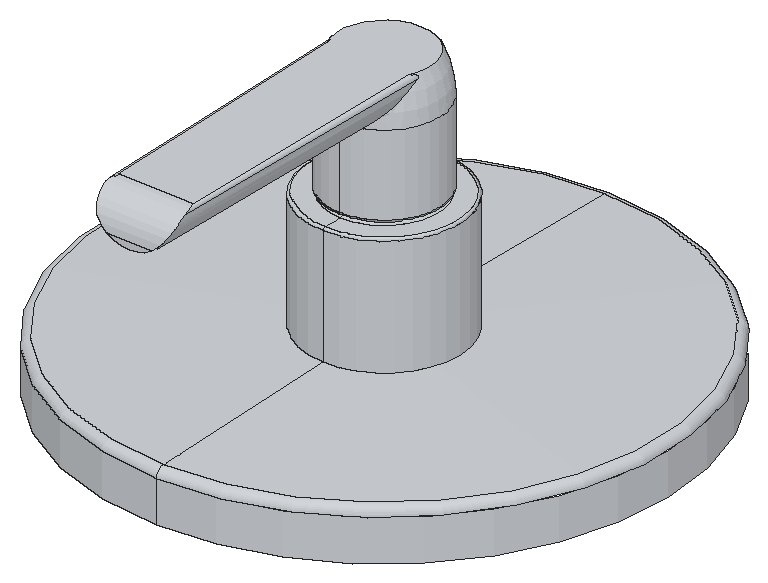
Revit family "Shower-Valve_Trim-KOHLER-Avid-K-T97022_1", category Specialty Equipment, host Face, Revit 2017
Family settings
  Host = Face
  Round Connector Dimension = Use Diameter
  Part Type = Normal
  OmniClass Number = 23.31.25.00
  OmniClass Title = Toilet and Bath Specialties
  Cut with Voids When Loaded = No
  Shared = No
  Room Calculation Point = No
Parameters (values of type "CP-Polished Chrome")
  Width = 6 3/8"  # constant formula
  WaterSense Certified = 1 = 0  # no
  URL = "https://www.us.kohler.com/us/"
  Type = 1
  Product Page URL = "http://www.us.kohler.com/us/catalog/productDetails.jsp?productId=T97022-4"
  Product Name = "Avid"  # constant formula
  Product Documentation Link = "https://www.us.kohler.com/webassets/kpna/catalog/pdf/en/K-T97022-4_spec.pdf"
  Model = if(Type = 1, "K-T97022-4-CP", if(Type = 2, "K-T97022-4-BN", "NA"))  # "K-T97022-4-CP"
  Material = "Pemium Metal Construction"  # constant formula
  Master Format 2014 Name = "Toilet, Bath, and Laundry Accessories"  # constant formula
  Master Format 2014 = "10 28 00"  # constant formula
  Manufacturer Address = "444 Highland Dr, Kohler, WI 53044"  # constant formula
  Manufacturer = "KOHLER Co."  # constant formula
  Length = 3 3/8"  # constant formula
  Height = 6 3/8"  # constant formula
  Handle Clearance = 3 9/16"  # constant formula
  Finish = Kohler-Metal-CP-Polished_Chrome
  Environmental Product Declaration = ""
  Description = "Thermostatic valve trim with lever handle"  # constant formula
  Default Elevation = 42"
  Declare Label = ""
  Date Modified = "05/20/2020"  # constant formula
  Date Created = "05/20/2020"  # constant formula
  Copyright = "Copyright KOHLER Co."  # constant formula
  Contact Us = "https://www.us.kohler.com/us/static/contact.jsp"
  Assembly Code = "C1030200"
  ADA Compliant = 1 = 1  # yes
Types (3): name | Type | Model | Finish
  (no name) | 1 | "K-T97022-4-CP" | Kohler-Metal-CP-Polished_Chrome
  CP-Polished Chrome | 1 | "K-T97022-4-CP" | Kohler-Metal-CP-Polished_Chrome
  BN-Vibrant Brushed Nickel | 2 | "K-T97022-4-BN" | Kohler-Metal-BN-Vibrant_Brushed_Nickel
Reference planes (in)
  plane 1 "Center (Front/Back)": y = 0
  plane 2: z = 0
  plane 3 "Center (Left/Right)": x = 0
  plane 4: x = -3.1875
  plane 5: x = 3.1875
  plane 6: y = 3.1875
  plane 7: y = -3.1875
  plane 8: y = -3.5625
  plane 9: z = 3.375
  plane 10: z = 0.606
Dimensions and locks (in)
  "Height": plane 6 to plane 7
  "Width": plane 4 to plane 5
  "Length": level to plane 9
  "Handle Clearance": plane 1 "Center (Front/Back)" to plane 8
  aligned and locked: plane 2 to host face
  aligned and locked: level to host face
  aligned and locked: plane 3 "Center (Left/Right)" to nested 1
  aligned and locked: plane 1 "Center (Front/Back)" to nested 1
Automatic sketch dimensions
  host sketch curve to host sketch curve = 96"  (x2)
Nested families (in)
  nested 1: "K-T97022" at (0, 0, 0), type "K-T97022"
Definition of nested family "K-T97022"
  Parameters (values of type "K-T97022")
    Material = none
  Reference planes (in)
    plane 1 "Center (Front/Back)": y = 0
    plane 2: z = 0
    plane 3 "Center (Left/Right)": x = 0
    plane 4: x = -3.1875
    plane 5: x = 3.1875
    plane 6: y = 3.1875
    plane 7: y = -3.1875
    plane 8: y = -3.5625
    plane 9: z = 3.375
  Forms (in)
    Revolve 1, solid, material <- "Material", detail levels medium+fine
      sketch origin (0, 0, 0) x (0, 1, 0) y (0, 0, 1)
        loop
          line (3.1875, 0) -> (3.1875, 0.46734)
          arc (3.1875, 0.46734) -> (3.15954, 0.53572) -> (3.09169, 0.56492) r 0.0976
          line (3.09169, 0.56492) -> (0.851, 0.606) -> (0.851, 1.92232)
          arc (0.851, 1.92232) -> (0.84302, 1.9416) -> (0.82374, 1.94958) r 0.02726
          line (0.82374, 1.94958) -> (0.60996, 1.94958)
          arc (0.60996, 1.94958) -> (0.57601, 1.96011) -> (0.55397, 1.988) r 0.06002
          line (0.55397, 1.988) -> (0.60552, 1.988)
          arc (0.60552, 1.988) -> (0.62, 1.994) -> (0.626, 2.00848) r 0.02048
          line (0.626, 2.00848) -> (0.626, 2.91099)
          arc (0.626, 2.91099) -> (0.59745, 3.14973) -> (0.51341, 3.375) r 1.01241
          line (0.51341, 3.375) -> (0, 3.375) -> (0, 0) -> (3.1875, 0)
        axis (0, 3.375) -> (0, 0)
      angle from 0 to 360
    Blend 2, solid, material <- "Material", detail levels medium+fine
      base sketch origin (0, 0, -0.8125) x (1, 0, 0) y (0, 0, 1)
        loop
          line (0.41472, 4.1875) -> (-0.41472, 4.1875)
          arc (-0.41472, 4.1875) -> (-0.43687, 4.17785) -> (-0.44488, 4.15506) r 0.03024
          arc (-0.44488, 4.15506) -> (-0.30352, 3.86062) -> (0.00058, 3.74144) r 0.44606
          arc (0.00058, 3.74144) -> (0.30394, 3.86101) -> (0.44488, 4.15506) r 0.44606
          arc (0.44488, 4.15506) -> (0.43687, 4.17785) -> (0.41472, 4.1875) r 0.03024
      top sketch origin (0, 0, -0.8125) x (1, 0, 0) y (0, 0, 1)
        loop
          arc (0, 3.71216) -> (0.33957, 3.81868) -> (0.51082, 4.13066) r 0.47686
          arc (0.51082, 4.13066) -> (0.49839, 4.17042) -> (0.4604, 4.1875) r 0.05078
          line (0.4604, 4.1875) -> (-0.4611, 4.1875)
          arc (-0.4611, 4.1875) -> (-0.4986, 4.17066) -> (-0.51091, 4.13144) r 0.05016
          arc (-0.51091, 4.13144) -> (-0.33987, 3.81893) -> (0, 3.71216) r 0.47686
      from 3.90183 to 0
    Extrusion 3, void
      sketch origin (0, 0, 0) x (0, 1, 0) y (0, 0, 1)
        loop
          line (-3.5625, 2.73934) -> (-3.5625, 3.00175)
          arc (-3.5625, 3.00175) -> (-3.45318, 3.26568) -> (-3.18925, 3.375) r 0.37325
          line (-3.18925, 3.375) -> (-2.92681, 3.375) -> (-2.92681, 3.73934) -> (-4.0625, 3.73934) -> (-4.0625, 2.73934) -> (-3.5625, 2.73934)
      from -0.98314 to 1.04635
    Revolve 4, solid, material <- "Material", detail levels coarse
      sketch origin (0, 0, 0) x (0, 1, 0) y (0, 0, 1)
        loop
          line (3.1875, 0.606) -> (0.851, 0.606) -> (0.851, 1.94958) -> (0.62605, 1.94958) -> (0.62605, 3.375) -> (0, 3.375) -> (0, 0) -> (3.1875, 0) -> (3.1875, 0.606)
        axis (0, 0) -> (0, 3.375)
      angle from 0 to 360
    Extrusion 5, solid, material <- "Material", detail levels coarse
      sketch origin (0, 0, 0) x (1, 0, 0) y (0, 0, 1)
        loop
          line (-0.61288, 3.375) -> (-0.61288, 2.875) -> (0.61288, 2.875) -> (0.61288, 3.375) -> (-0.61288, 3.375)
      from 0 to 3.5625
  Cuts and joins
    Extrusion 3 cuts Blend 2
    joined: Revolve 1, Blend 2
    joined: Revolve 4, Extrusion 5
  Lines and regions (in)
    Masking region 1
      outline origin (0, 0, 0) x (0, 1, 0) y (0, 0, 1)
        loop
          line (3.1875, 0) -> (3.1875, 0.46686)
          arc (3.1875, 0.46686) -> (3.1593, 0.53582) -> (3.09087, 0.56526) r 0.09842
          line (3.09087, 0.56526) -> (0.851, 0.606) -> (0.851, 1.92217)
          arc (0.851, 1.92217) -> (0.84297, 1.94155) -> (0.82359, 1.94958) r 0.02741
          line (0.82359, 1.94958) -> (0.611, 1.95291)
          arc (0.611, 1.95291) -> (0.57594, 1.96256) -> (0.54995, 1.988) r 0.07265
          line (0.54995, 1.988) -> (0.60331, 1.988)
          arc (0.60331, 1.988) -> (0.61939, 1.99466) -> (0.62605, 2.01074) r 0.02274
          line (0.62605, 2.01074) -> (0.62605, 2.91922)
          arc (0.62605, 2.91922) -> (0.59969, 3.1448) -> (0.52203, 3.35822) r 0.97837
          arc (0.52203, 3.35822) -> (0.51081, 3.37047) -> (0.49484, 3.375) r 0.03043
          line (0.49484, 3.375) -> (-3.19564, 3.375)
          arc (-3.19564, 3.375) -> (-3.45505, 3.26755) -> (-3.5625, 3.00814) r 0.36686
          line (-3.5625, 3.00814) -> (-3.5625, 2.92639) -> (-0.89608, 2.90639)
          arc (-0.89608, 2.90639) -> (-0.70502, 2.82598) -> (-0.62605, 2.63433) r 0.27207
          line (-0.62605, 2.63433) -> (-0.62605, 2.01074)
          arc (-0.62605, 2.01074) -> (-0.61939, 1.99466) -> (-0.60331, 1.988) r 0.02274
          line (-0.60331, 1.988) -> (-0.54995, 1.988)
          arc (-0.54995, 1.988) -> (-0.57594, 1.96256) -> (-0.611, 1.95291) r 0.07265
          line (-0.611, 1.95291) -> (-0.82359, 1.94958)
          arc (-0.82359, 1.94958) -> (-0.84297, 1.94155) -> (-0.851, 1.92217) r 0.02741
          line (-0.851, 1.92217) -> (-0.851, 0.606) -> (-3.09087, 0.56526)
          arc (-3.09087, 0.56526) -> (-3.1593, 0.53582) -> (-3.1875, 0.46686) r 0.09842
          line (-3.1875, 0.46686) -> (-3.1875, 0) -> (3.1875, 0)
    Masking region 2
      outline origin (0, 0, 0) x (1, 0, 0) y (0, 0, 1)
        loop
          line (3.1875, 0) -> (3.1875, 0.47287)
          arc (3.1875, 0.47287) -> (3.16055, 0.53874) -> (3.09517, 0.56683) r 0.09397
          line (3.09517, 0.56683) -> (0.851, 0.606) -> (0.851, 1.92312)
          arc (0.851, 1.92312) -> (0.84344, 1.94159) -> (0.82509, 1.94945) r 0.02634
          line (0.82509, 1.94945) -> (0.611, 1.95291)
          arc (0.611, 1.95291) -> (0.57684, 1.9626) -> (0.55203, 1.988) r 0.06897
          line (0.55203, 1.988) -> (0.60339, 1.988)
          arc (0.60339, 1.988) -> (0.61939, 1.99463) -> (0.62602, 2.01063) r 0.02263
          line (0.62602, 2.01063) -> (0.62602, 2.92542)
          arc (0.62602, 2.92542) -> (0.59953, 3.14862) -> (0.52154, 3.35943) r 0.95371
          arc (0.52154, 3.35943) -> (0.51102, 3.3708) -> (0.4961, 3.375) r 0.02857
          line (0.4961, 3.375) -> (-0.4961, 3.375)
          arc (-0.4961, 3.375) -> (-0.51102, 3.3708) -> (-0.52154, 3.35943) r 0.02857
          arc (-0.52154, 3.35943) -> (-0.59953, 3.14862) -> (-0.62602, 2.92542) r 0.95371
          line (-0.62602, 2.92542) -> (-0.62602, 2.01063)
          arc (-0.62602, 2.01063) -> (-0.61939, 1.99463) -> (-0.60339, 1.988) r 0.02263
          line (-0.60339, 1.988) -> (-0.55203, 1.988)
          arc (-0.55203, 1.988) -> (-0.57684, 1.9626) -> (-0.611, 1.95291) r 0.06897
          line (-0.611, 1.95291) -> (-0.82509, 1.94945)
          arc (-0.82509, 1.94945) -> (-0.84344, 1.94159) -> (-0.851, 1.92312) r 0.02634
          line (-0.851, 1.92312) -> (-0.851, 0.606) -> (-3.09517, 0.56683)
          arc (-3.09517, 0.56683) -> (-3.16055, 0.53874) -> (-3.1875, 0.47287) r 0.09397
          line (-3.1875, 0.47287) -> (-3.1875, 0) -> (3.1875, 0)
    Masking region 3
      outline origin (0, 0, 0) x (1, 0, 0) y (0, 1, 0)
        loop
          arc (0.45763, -3.15448) -> (0, 3.1875) -> (-0.45763, -3.15448) r 3.1875
          line (-0.45763, -3.15448) -> (-0.45316, -3.41081)
          arc (-0.45316, -3.41081) -> (-0.40701, -3.51823) -> (-0.29879, -3.5625) r 0.15439
          line (-0.29879, -3.5625) -> (0.29879, -3.5625)
          arc (0.29879, -3.5625) -> (0.40701, -3.51823) -> (0.45316, -3.41081) r 0.15439
          line (0.45316, -3.41081) -> (0.45763, -3.15448)
    symbolic lines, detail levels medium+fine
      curve 1: line (0, 0.851, 0.606) -> (0, -0.851, 0.606)
      curve 2: line (0, 0.54995, 1.988) -> (0, -0.54995, 1.988)
      curve 3: line (0.851, 0, 0.606) -> (-0.851, 0, 0.606)
      curve 4: line (0.611, 0, 1.95291) -> (-0.611, 0, 1.95291)
      curve 5: line (0.55203, 0, 1.988) -> (-0.55203, 0, 1.988)
      curve 6: line (0, 0.611, 1.95291) -> (0, -0.611, 1.95291)
      curve 7: arc (0, 0.851, 0) -> (-0.80915, 0.26359, 0) -> (-0.50125, -0.68772, 0) r 0.851
      curve 8: arc (0.50125, -0.68772, 0) -> (0.80915, 0.26359, 0) -> (0, 0.851, 0) r 0.851
      curve 9: arc (-0.51341, 0, 0) -> (-0.36303, 0.36303, 0) -> (0, 0.51341, 0) r 0.51341
      curve 10: arc (0, 0.51341, 0) -> (0.36303, 0.36303, 0) -> (0.51341, 0, 0) r 0.51341
      curve 11: arc (-0.50739, -0.34041, 0) -> (-0.53913, 0.28752, 0) -> (0, 0.611, 0) r 0.611
      curve 12: arc (0, 0.611, 0) -> (0.53913, 0.28752, 0) -> (0.50739, -0.34041, 0) r 0.611
      curve 13: line (-0.45763, -3.15448, 0) -> (-0.51341, 0, 0)
      curve 14: line (0.45763, -3.15448, 0) -> (0.51341, 0, 0)
      curve 15: arc (-2.05831, 0.10215, 0) -> (-2.41446, 0, 0) -> (-2.05831, -0.10215, 0) r 0.19272
      curve 16: arc (-2.12318, 0.10215, 0) -> (-2.36368, 0, 0) -> (-2.12318, -0.10215, 0) r 0.14194
      curve 17: line (-2.12318, 0.10215, 0) -> (-2.05831, 0.10215, 0)
      curve 18: line (-2.12318, -0.10215, 0) -> (-2.05831, -0.10215, 0)
      curve 19: line (2.26442, 0.19272, 0) -> (2.26442, 0.03109, 0)
      curve 20: line (2.20224, 0.19272, 0) -> (2.20224, -0.19272, 0)
      curve 21: line (2.20224, 0.19272, 0) -> (2.26442, 0.19272, 0)
      curve 22: line (2.20224, -0.19272, 0) -> (2.26442, -0.19272, 0)
      curve 23: line (2.39813, 0.19272, 0) -> (2.39813, 0.03109, 0)
      curve 24: line (2.46032, 0.19272, 0) -> (2.46032, -0.19272, 0)
      curve 25: line (2.46032, 0.19272, 0) -> (2.39813, 0.19272, 0)
      curve 26: line (2.46032, -0.19272, 0) -> (2.39813, -0.19272, 0)
      curve 27: line (2.39813, -0.03109, 0) -> (2.26442, -0.03109, 0)
      curve 28: line (2.39813, 0.03109, 0) -> (2.26442, 0.03109, 0)
      curve 29: line (2.26442, -0.03109, 0) -> (2.26442, -0.19272, 0)
      curve 30: line (2.39813, -0.03109, 0) -> (2.39813, -0.19272, 0)
      curve 31: arc (-2.07573, -1.3125, 0) -> (-2.07899, -1.36708, 0) -> (-2.02449, -1.37145, 0) r 0.03906
      curve 32: arc (-1.83154, -1.20578, 0) -> (-1.82802, -1.1485, 0) -> (-1.88529, -1.1449, 0) r 0.04061
      curve 33: line (-2.07573, -1.3125, 0) -> (-1.88529, -1.1449, 0)
      curve 34: line (-1.83154, -1.20578, 0) -> (-2.02449, -1.37145, 0)
      curve 35: arc (-1.06071, -2.18228, 0) -> (-1.04155, -2.23397, 0) -> (-0.98978, -2.21501, 0) r 0.03906
      curve 36: arc (-0.88265, -1.98527, 0) -> (-0.90185, -1.9336, 0) -> (-0.9536, -1.95257, 0) r 0.03906
      curve 37: line (-1.06071, -2.18228, 0) -> (-0.9536, -1.95257, 0)
      curve 38: line (-0.88265, -1.98527, 0) -> (-0.98978, -2.21501, 0)
      curve 39: arc (1.06071, -2.18228, 0) -> (1.04155, -2.23397, 0) -> (0.98978, -2.21501, 0) r 0.03906
      curve 40: arc (0.88265, -1.98527, 0) -> (0.90185, -1.9336, 0) -> (0.9536, -1.95257, 0) r 0.03906
      curve 41: line (1.06071, -2.18228, 0) -> (0.9536, -1.95257, 0)
      curve 42: line (0.88265, -1.98527, 0) -> (0.98978, -2.21501, 0)
      curve 43: arc (2.07573, -1.3125, 0) -> (2.07899, -1.36708, 0) -> (2.02449, -1.37145, 0) r 0.03906
      curve 44: arc (1.83154, -1.20578, 0) -> (1.82802, -1.1485, 0) -> (1.88529, -1.1449, 0) r 0.04061
      curve 45: line (2.07573, -1.3125, 0) -> (1.88529, -1.1449, 0)
      curve 46: line (1.83154, -1.20578, 0) -> (2.02449, -1.37145, 0)
  Dimensions and locks (in)
    plane 4 to plane 5 = 6 3/8"
    plane 8 to plane 1 "Center (Front/Back)" = 3 9/16"
    plane 9 to level = 3 3/8"
    aligned and locked: plane 2 to level
